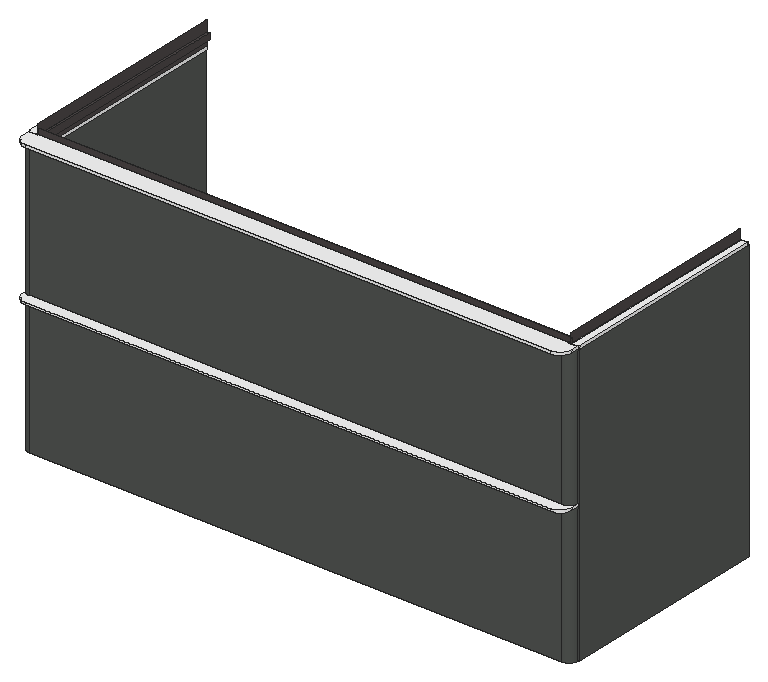
Revit family "vanity unit with 2 drawers", category Furniture, Revit 2019 (continued)
Definition of nested family "vanity unit 1180_475 with 2 drawers for washbasin-54035700-high gloss white-matt_white-400_content"
  Forms (mm)
    Extrusion 6, solid, visible <- "ContentVisible", detail levels medium+fine
      sketch origin (0, 0, 305) x (1, 0, 0) y (0, 1, 0)
        loop
          arc (571, -476) -> (584.435, -470.435) -> (590, -457) r 19
          line (590, -457) -> (590, -455) -> (-590, -455) -> (-590, -457)
      from 0 to 295
    Extrusion 7, solid, visible <- "ContentVisible", detail levels medium+fine
      sketch origin (0, 0, 297) x (1, 0, 0) y (0, 1, 0)
        loop
          line (-588.5, -455) -> (-588.5, -471)
          arc (-588.5, -471) -> (-581.178, -488.678) -> (-563.5, -496) r 25
          line (-563.5, -496) -> (563.5, -496)
          arc (563.5, -496) -> (581.178, -488.678) -> (588.5, -471) r 25
          line (588.5, -471) -> (588.5, -455) -> (568.5, -455) -> (568.5, -453.5) -> (-568.5, -453.5) -> (-568.5, -455) -> (-588.5, -455)
      from 0 to 5
    Extrusion 8, solid, visible <- "ContentVisible", detail levels medium+fine
      sketch origin (0, 0, 0) x (0, 0, -1) y (0, 1, 0)
        loop
          line (-297, -453.5) -> (-297, -455) -> (-267, -455) -> (-267, -453.5) -> (-297, -453.5)
      from -568.5 to 568.5
    Extrusion 9, solid, visible <- "ContentVisible", detail levels medium+fine
      sketch origin (0, 0, 600) x (1, 0, 0) y (0, 1, 0)
        loop
          line (-588.5, -455) -> (-588.5, -471)
          arc (-588.5, -471) -> (-581.178, -488.678) -> (-563.5, -496) r 25
          line (-563.5, -496) -> (563.5, -496)
          arc (563.5, -496) -> (581.178, -488.678) -> (588.5, -471) r 25
          line (588.5, -471) -> (588.5, -455) -> (568.5, -455) -> (568.5, -453.5) -> (-568.5, -453.5) -> (-568.5, -455) -> (-588.5, -455)
      from 0 to 5
    Extrusion 10, solid, visible <- "ContentVisible", detail levels medium+fine
      sketch origin (0, 0, 0) x (0, 0, -1) y (0, 1, 0)
        loop
          line (-600, -453.5) -> (-600, -455) -> (-570, -455) -> (-570, -453.5) -> (-600, -453.5)
      from -568.5 to 568.5
    Extrusion 11, solid, visible <- "ContentVisible", detail levels medium+fine
      sketch origin (0, 0, 0) x (1, 0, 0) y (0, 0, -1)
        loop
          line (-574, -566.8) -> (-574, -605) -> (-572.5, -605) -> (-572.5, -566.8) -> (-574, -566.8)
      from -455 to 0
    Extrusion 12, solid, visible <- "ContentVisible", detail levels medium+fine
      sketch origin (0, 0, 0) x (1, 0, 0) y (0, 0, -1)
        loop
          line (572.5, -566.8) -> (572.5, -605) -> (574, -605) -> (574, -566.8) -> (572.5, -566.8)
      from -455 to 0
    Extrusion 13, solid, visible <- "ContentVisible", detail levels medium+fine
      sketch origin (0, 0, 600) x (1, 0, 0) y (0, 1, 0)
        loop
          line (-590, -3) -> (-590, -452)
          arc (-590, -452) -> (-589.121, -454.121) -> (-587, -455) r 3
          line (-587, -455) -> (-574, -455) -> (-574, 0) -> (-587, 0)
          arc (-587, 0) -> (-589.121, -0.879) -> (-590, -3) r 3
      from 0 to 5
    Extrusion 14, solid, visible <- "ContentVisible", detail levels medium+fine
      sketch origin (0, 0, 600) x (1, 0, 0) y (0, 1, 0)
        loop
          line (574, 0) -> (574, -455) -> (587, -455)
          arc (587, -455) -> (589.121, -454.121) -> (590, -452) r 3
          line (590, -452) -> (590, -3)
          arc (590, -3) -> (589.121, -0.879) -> (587, 0) r 3
          line (587, 0) -> (574, 0)
      from 0 to 5
    Extrusion 15, solid, visible <- "ContentVisible", detail levels medium+fine
      sketch origin (0, 0, 0) x (1, 0, 0) y (0, 0, -1)
        loop
          line (-572.5, -575.3) -> (-572.5, -624.5) -> (-571, -624.5) -> (-571, -602.8) -> (-566.4, -602.8) -> (-566.4, -588.3) -> (-571, -588.3) -> (-571, -575.3) -> (-572.5, -575.3)
      from -453.5 to 0
    Extrusion 16, solid, visible <- "ContentVisible", detail levels medium+fine
      sketch origin (0, 0, 0) x (1, 0, 0) y (0, 0, -1)
        loop
          line (566.4, -588.3) -> (566.4, -602.8) -> (571, -602.8) -> (571, -624.5) -> (572.5, -624.5) -> (572.5, -575.3) -> (571, -575.3) -> (571, -588.3) -> (566.4, -588.3)
      from -453.5 to 0
    Extrusion 17, solid, visible <- "ContentVisible", detail levels medium+fine
      sketch origin (0, 0, 0) x (0, 0, -1) y (0, 1, 0)
        loop
          line (-616, -453.5) -> (-567, -453.5) -> (-567, -452) -> (-588.5, -452) -> (-588.5, -447.4) -> (-603, -447.4) -> (-603, -452) -> (-616, -452) -> (-616, -453.5)
      from -572.5 to 572.5
    Extrusion 18, solid, visible <- "ContentVisible", detail levels coarse
      sketch origin (0, -248, 0) x (1, 0, 0) y (0, 1, 0)
        loop
          line (-590, -248) -> (590, -248) -> (590, 248) -> (-590, 248) -> (-590, -248)
      from 0 to 624.5
  Dimensions and locks
    aligned and locked: level to plane 2
Definition of nested family "vanity unit 1180_475 with 2 drawers for washbasin-54036000-diamond matt grey-chrome-200_content"
  Parameters (values of type "Vanity unit 1180_475 with 2 drawers for washbasin-54036000-Diamond Matt Grey-CHROME-200_Content")
    etim7_EC011381 = "EC011381"
    WEIGHT = "45.5"
    UNSPSC = "56 | Furniture and Furnishings"
    UNIFORMATII = "E2010 | Fixed Furnishings"
    UNICLASS_2015_CODE = "40_30_78_05"
    UNICLASS2015 = "Pr_40_30_78_05 | Bathroom furniture"
    SURFACE = "CHROME"
    REGIONSET = "Worldwide"
    PRODUCTURL = "https://pro.hansgrohe.com/articledetail--54036000"
    PRODUCTGROUP = "vanity unit"
    PRODUCTFAMILY = "Xelu Q"
    PERMALINK = "54036XXX"
    OMNICLASS = "23-21 19 15 33 13 | Residential Bathroom Specialty Casework"
    OBJECTTYPE = "Object (single object)"
    OBERFLAECHE = "Diamond Matt Grey"
    NN = "Vanity Unit with 2 Drawers"
    NBSYN = "$BASENUMBER.-$ARTNR.-$OBERFLAECHE.-$SURFACE.-$LODLEVEL."
    NB = "Vanity unit 1180/475 with 2 drawers for washbasin-54036000-Diamond Matt Grey-CHROME-200"
    NAME = "Xelu Q Vanity unit Diamond Matt Grey 1180/475 with 2 drawers for washbasin"
    Model = "Vanity unit 1180/475 with 2 drawers for washbasin-54036000-Diamond Matt Grey-CHROME-200"
    Manufacturer = "Hansgrohe"
    MASTERFORMAT = "12 35 30.23 | Bathroom Casework"
    LODLEVEL = "200"
    LINA = "Vanity unit 1180/475 with 2 drawers for washbasin-54036000-Diamond Matt Grey-CHROME-200"
    L = 1180
    IFC = "Furnishing element"
    GTINCODE = "4059625455777"
    ETIM = "EC011381 | Bathroom furniture set"
    Default Elevation = 1219.2 mm
    DESIGN = "Germany"
    ContentVisible [instance] = yes
    CATALOG = "Hansgrohe"
    BIMOBJECT = "Sanitary: Compound units"
    BASENUMBER = "Vanity unit 1180/475 with 2 drawers for washbasin"
    ARTNR = "54036000"
  Reference planes
    plane 1 "Center (Front/Back)": y = 0
    plane 2: z = 0
    plane 3 "Center (Left/Right)": x = 0
  Forms (mm)
    Extrusion 1, solid, visible <- "ContentVisible", detail levels medium+fine
      sketch origin (0, 0, 0) x (1, 0, 0) y (0, 1, 0)
        loop
          line (-590, 0) -> (-590, -476) -> (590, -476) -> (590, 0) -> (574, 0) -> (574, -72) -> (-574, -72) -> (-574, 0) -> (-590, 0)
      from 0 to 600
    Extrusion 2, solid, visible <- "ContentVisible", detail levels medium+fine
      sketch origin (0, 0, 297) x (1, 0, 0) y (0, 1, 0)
        loop
          line (-588.5, -453.5) -> (-588.5, -496) -> (588.5, -496) -> (588.5, -453.5) -> (-588.5, -453.5)
      from 0 to 5
    Extrusion 3, solid, visible <- "ContentVisible", detail levels medium+fine
      sketch origin (0, 0, 600) x (1, 0, 0) y (0, 1, 0)
        loop
          line (-588.5, -453.5) -> (-588.5, -496) -> (588.5, -496) -> (588.5, -453.5) -> (-588.5, -453.5)
      from 0 to 5
    Extrusion 4, solid, visible <- "ContentVisible", detail levels medium+fine
      sketch origin (0, 0, 0) x (1, 0, 0) y (0, 0, -1)
        loop
          line (-574, -566.8) -> (-574, -605) -> (-572.5, -605) -> (-572.5, -566.8) -> (-574, -566.8)
      from -455 to 0
    Extrusion 5, solid, visible <- "ContentVisible", detail levels medium+fine
      sketch origin (0, 0, 0) x (1, 0, 0) y (0, 0, -1)
        loop
          line (572.5, -566.8) -> (572.5, -605) -> (574, -605) -> (574, -566.8) -> (572.5, -566.8)
      from -455 to 0
    Extrusion 6, solid, visible <- "ContentVisible", detail levels medium+fine
      sketch origin (0, 0, 600) x (1, 0, 0) y (0, 1, 0)
        loop
          line (-590, 0) -> (-590, -455) -> (-574, -455) -> (-574, 0) -> (-590, 0)
      from 0 to 5
    Extrusion 7, solid, visible <- "ContentVisible", detail levels medium+fine
      sketch origin (0, 0, 600) x (1, 0, 0) y (0, 1, 0)
        loop
          line (574, 0) -> (574, -455) -> (590, -455) -> (590, 0) -> (574, 0)
      from 0 to 5
    Extrusion 8, solid, visible <- "ContentVisible", detail levels medium+fine
      sketch origin (0, 0, 0) x (1, 0, 0) y (0, 0, -1)
        loop
          line (-572.5, -575.3) -> (-572.5, -624.5) -> (-566.4, -624.5) -> (-566.4, -575.3) -> (-572.5, -575.3)
      from -453.5 to 0
    Extrusion 9, solid, visible <- "ContentVisible", detail levels medium+fine
      sketch origin (0, 0, 0) x (1, 0, 0) y (0, 0, -1)
        loop
          line (566.4, -575.3) -> (566.4, -624.5) -> (572.5, -624.5) -> (572.5, -575.3) -> (566.4, -575.3)
      from -453.5 to 0
    Extrusion 10, solid, visible <- "ContentVisible", detail levels medium+fine
      sketch origin (0, 0, 0) x (0, 0, -1) y (0, 1, 0)
        loop
          line (-616, -453.5) -> (-567, -453.5) -> (-567, -447.4) -> (-616, -447.4) -> (-616, -453.5)
      from -572.5 to 572.5
    Extrusion 11, solid, visible <- "ContentVisible", detail levels coarse
      sketch origin (0, -248, 0) x (1, 0, 0) y (0, 1, 0)
        loop
          line (-590, -248) -> (590, -248) -> (590, 248) -> (-590, 248) -> (-590, -248)
      from 0 to 624.5
  Dimensions and locks
    aligned and locked: level to plane 2
Definition of nested family "vanity unit 1180_475 with 2 drawers for washbasin-54036000-diamond matt grey-chrome-400_content"
  Parameters (values of type "Vanity unit 1180_475 with 2 drawers for washbasin-54036000-Diamond Matt Grey-CHROME-400_Content")
    etim7_EC011381 = "EC011381"
    WEIGHT = "45.5"
    UNSPSC = "56 | Furniture and Furnishings"
    UNIFORMATII = "E2010 | Fixed Furnishings"
    UNICLASS_2015_CODE = "40_30_78_05"
    UNICLASS2015 = "Pr_40_30_78_05 | Bathroom furniture"
    SURFACE = "CHROME"
    REGIONSET = "Worldwide"
    PRODUCTURL = "https://pro.hansgrohe.com/articledetail--54036000"
    PRODUCTGROUP = "vanity unit"
    PRODUCTFAMILY = "Xelu Q"
    PERMALINK = "54036XXX"
    OMNICLASS = "23-21 19 15 33 13 | Residential Bathroom Specialty Casework"
    OBJECTTYPE = "Object (single object)"
    OBERFLAECHE = "Diamond Matt Grey"
    NN = "Vanity Unit with 2 Drawers"
    NBSYN = "$BASENUMBER.-$ARTNR.-$OBERFLAECHE.-$SURFACE.-$LODLEVEL."
    NB = "Vanity unit 1180/475 with 2 drawers for washbasin-54036000-Diamond Matt Grey-CHROME-400"
    NAME = "Xelu Q Vanity unit Diamond Matt Grey 1180/475 with 2 drawers for washbasin"
    Model = "Vanity unit 1180/475 with 2 drawers for washbasin-54036000-Diamond Matt Grey-CHROME-400"
    Manufacturer = "Hansgrohe"
    MASTERFORMAT = "12 35 30.23 | Bathroom Casework"
    LODLEVEL = "400"
    LINA = "Vanity unit 1180/475 with 2 drawers for washbasin-54036000-Diamond Matt Grey-CHROME-400"
    L = 1180
    IFC = "Furnishing element"
    GTINCODE = "4059625455777"
    ETIM = "EC011381 | Bathroom furniture set"
    Default Elevation = 1219.2 mm
    DESIGN = "Germany"
    ContentVisible [instance] = yes
    CATALOG = "Hansgrohe"
    BIMOBJECT = "Sanitary: Compound units"
    BASENUMBER = "Vanity unit 1180/475 with 2 drawers for washbasin"
    ARTNR = "54036000"
  Reference planes
    plane 1 "Center (Front/Back)": y = 0
    plane 2: z = 0
    plane 3 "Center (Left/Right)": x = 0
  Forms (mm)
    Extrusion 1, solid, visible <- "ContentVisible", detail levels medium+fine
      sketch origin (0, 0, 0) x (1, 0, 0) y (0, 1, 0)
        loop
          line (-590, 0) -> (-590, -452)
          arc (-590, -452) -> (-589.121, -454.121) -> (-587, -455) r 3
          line (-587, -455) -> (-574, -455) -> (-574, 0) -> (-590, 0)
      from 0 to 600
    Extrusion 2, solid, visible <- "ContentVisible", detail levels medium+fine
      sketch origin (0, 0, 2) x (1, 0, 0) y (0, 1, 0)
        loop
          line (-574, -88) -> (-574, -455) -> (574, -455) -> (574, -88) -> (-574, -88)
      from 0 to 16
    Extrusion 3, solid, visible <- "ContentVisible", detail levels medium+fine
      sketch origin (0, 0, 0) x (1, 0, 0) y (0, 1, 0)
        loop
          line (574, 0) -> (574, -455) -> (587, -455)
          arc (587, -455) -> (589.121, -454.121) -> (590, -452) r 3
          line (590, -452) -> (590, 0) -> (574, 0)
      from 0 to 600
    Extrusion 4, solid, visible <- "ContentVisible", detail levels medium+fine
      sketch origin (0, 0, 2) x (1, 0, 0) y (0, 1, 0)
        loop
          line (-574, -72) -> (-574, -88) -> (574, -88) -> (574, -72) -> (-574, -72)
      from 0 to 126
    Extrusion 5, solid, visible <- "ContentVisible", detail levels medium+fine
      sketch origin (0, 0, 2) x (1, 0, 0) y (0, 1, 0)
        loop
          arc (-590, -457) -> (-584.435, -470.435) -> (-571, -476) r 19
          line (-571, -476) -> (571, -476)
          arc (571, -476) -> (584.435, -470.435) -> (590, -457) r 19
          line (590, -457) -> (590, -455) -> (-590, -455) -> (-590, -457)
      from 0 to 295
    Extrusion 6, solid, visible <- "ContentVisible", detail levels medium+fine
      sketch origin (0, 0, 305) x (1, 0, 0) y (0, 1, 0)
        loop
          arc (-590, -457) -> (-584.435, -470.435) -> (-571, -476) r 19
          line (-571, -476) -> (571, -476)
          arc (571, -476) -> (584.435, -470.435) -> (590, -457) r 19
          line (590, -457) -> (590, -455) -> (-590, -455) -> (-590, -457)
      from 0 to 295
    Extrusion 7, solid, visible <- "ContentVisible", detail levels medium+fine
      sketch origin (0, 0, 297) x (1, 0, 0) y (0, 1, 0)
        loop
          line (-588.5, -455) -> (-588.5, -471)
          arc (-588.5, -471) -> (-581.178, -488.678) -> (-563.5, -496) r 25
          line (-563.5, -496) -> (563.5, -496)
          arc (563.5, -496) -> (581.178, -488.678) -> (588.5, -471) r 25
          line (588.5, -471) -> (588.5, -455) -> (568.5, -455) -> (568.5, -453.5) -> (-568.5, -453.5) -> (-568.5, -455) -> (-588.5, -455)
      from 0 to 5
    Extrusion 8, solid, visible <- "ContentVisible", detail levels medium+fine
      sketch origin (0, 0, 0) x (0, 0, -1) y (0, 1, 0)
        loop
          line (-297, -453.5) -> (-297, -455) -> (-267, -455) -> (-267, -453.5) -> (-297, -453.5)
      from -568.5 to 568.5
    Extrusion 9, solid, visible <- "ContentVisible", detail levels medium+fine
      sketch origin (0, 0, 600) x (1, 0, 0) y (0, 1, 0)
        loop
          line (-588.5, -455) -> (-588.5, -471)
          arc (-588.5, -471) -> (-581.178, -488.678) -> (-563.5, -496) r 25
          line (-563.5, -496) -> (563.5, -496)
          arc (563.5, -496) -> (581.178, -488.678) -> (588.5, -471) r 25
          line (588.5, -471) -> (588.5, -455) -> (568.5, -455) -> (568.5, -453.5) -> (-568.5, -453.5) -> (-568.5, -455) -> (-588.5, -455)
      from 0 to 5
    Extrusion 10, solid, visible <- "ContentVisible", detail levels medium+fine
      sketch origin (0, 0, 0) x (0, 0, -1) y (0, 1, 0)
        loop
          line (-600, -453.5) -> (-600, -455) -> (-570, -455) -> (-570, -453.5) -> (-600, -453.5)
      from -568.5 to 568.5
    Extrusion 11, solid, visible <- "ContentVisible", detail levels medium+fine
      sketch origin (0, 0, 0) x (1, 0, 0) y (0, 0, -1)
        loop
          line (-574, -566.8) -> (-574, -605) -> (-572.5, -605) -> (-572.5, -566.8) -> (-574, -566.8)
      from -455 to 0
    Extrusion 12, solid, visible <- "ContentVisible", detail levels medium+fine
      sketch origin (0, 0, 0) x (1, 0, 0) y (0, 0, -1)
        loop
          line (572.5, -566.8) -> (572.5, -605) -> (574, -605) -> (574, -566.8) -> (572.5, -566.8)
      from -455 to 0
    Extrusion 13, solid, visible <- "ContentVisible", detail levels medium+fine
      sketch origin (0, 0, 600) x (1, 0, 0) y (0, 1, 0)
        loop
          line (-590, -3) -> (-590, -452)
          arc (-590, -452) -> (-589.121, -454.121) -> (-587, -455) r 3
          line (-587, -455) -> (-574, -455) -> (-574, 0) -> (-587, 0)
          arc (-587, 0) -> (-589.121, -0.879) -> (-590, -3) r 3
      from 0 to 5
    Extrusion 14, solid, visible <- "ContentVisible", detail levels medium+fine
      sketch origin (0, 0, 600) x (1, 0, 0) y (0, 1, 0)
        loop
          line (574, 0) -> (574, -455) -> (587, -455)
          arc (587, -455) -> (589.121, -454.121) -> (590, -452) r 3
          line (590, -452) -> (590, -3)
          arc (590, -3) -> (589.121, -0.879) -> (587, 0) r 3
          line (587, 0) -> (574, 0)
      from 0 to 5
    Extrusion 15, solid, visible <- "ContentVisible", detail levels medium+fine
      sketch origin (0, 0, 0) x (1, 0, 0) y (0, 0, -1)
        loop
          line (-572.5, -575.3) -> (-572.5, -624.5) -> (-571, -624.5) -> (-571, -602.8) -> (-566.4, -602.8) -> (-566.4, -588.3) -> (-571, -588.3) -> (-571, -575.3) -> (-572.5, -575.3)
      from -453.5 to 0
    Extrusion 16, solid, visible <- "ContentVisible", detail levels medium+fine
      sketch origin (0, 0, 0) x (1, 0, 0) y (0, 0, -1)
        loop
          line (566.4, -588.3) -> (566.4, -602.8) -> (571, -602.8) -> (571, -624.5) -> (572.5, -624.5) -> (572.5, -575.3) -> (571, -575.3) -> (571, -588.3) -> (566.4, -588.3)
      from -453.5 to 0
    Extrusion 17, solid, visible <- "ContentVisible", detail levels medium+fine
      sketch origin (0, 0, 0) x (0, 0, -1) y (0, 1, 0)
        loop
          line (-616, -453.5) -> (-567, -453.5) -> (-567, -452) -> (-588.5, -452) -> (-588.5, -447.4) -> (-603, -447.4) -> (-603, -452) -> (-616, -452) -> (-616, -453.5)
      from -572.5 to 572.5
    Extrusion 18, solid, visible <- "ContentVisible", detail levels coarse
      sketch origin (0, -248, 0) x (1, 0, 0) y (0, 1, 0)
        loop
          line (-590, -248) -> (590, -248) -> (590, 248) -> (-590, 248) -> (-590, -248)
      from 0 to 624.5
  Dimensions and locks
    aligned and locked: level to plane 2
Definition of nested family "vanity unit 1180_475 with 2 drawers for washbasin-54036670-diamond matt grey-matt_black-200_content"
  Parameters (values of type "Vanity unit 1180_475 with 2 drawers for washbasin-54036670-Diamond Matt Grey-MATT_BLACK-200_Content")
    etim7_EC011381 = "EC011381"
    WEIGHT = "45.5"
    UNSPSC = "56 | Furniture and Furnishings"
    UNIFORMATII = "E2010 | Fixed Furnishings"
    UNICLASS_2015_CODE = "40_30_78_05"
    UNICLASS2015 = "Pr_40_30_78_05 | Bathroom furniture"
    SURFACE = "MATT_BLACK"
    REGIONSET = "Worldwide"
    PRODUCTURL = "https://pro.hansgrohe.com/articledetail--54036000"
    PRODUCTGROUP = "vanity unit"
    PRODUCTFAMILY = "Xelu Q"
    PERMALINK = "54036XXX"
    OMNICLASS = "23-21 19 15 33 13 | Residential Bathroom Specialty Casework"
    OBJECTTYPE = "Object (single object)"
    OBERFLAECHE = "Diamond Matt Grey"
    NN = "Vanity Unit with 2 Drawers"
    NBSYN = "$BASENUMBER.-$ARTNR.-$OBERFLAECHE.-$SURFACE.-$LODLEVEL."
    NB = "Vanity unit 1180/475 with 2 drawers for washbasin-54036670-Diamond Matt Grey-MATT_BLACK-200"
    NAME = "Xelu Q Vanity unit Diamond Matt Grey 1180/475 with 2 drawers for washbasin"
    Model = "Vanity unit 1180/475 with 2 drawers for washbasin-54036670-Diamond Matt Grey-MATT_BLACK-200"
    Manufacturer = "Hansgrohe"
    MASTERFORMAT = "12 35 30.23 | Bathroom Casework"
    LODLEVEL = "200"
    LINA = "Vanity unit 1180/475 with 2 drawers for washbasin-54036670-Diamond Matt Grey-MATT_BLACK-200"
    L = 1180
    IFC = "Furnishing element"
    GTINCODE = "4059625455777"
    ETIM = "EC011381 | Bathroom furniture set"
    Default Elevation = 1219.2 mm
    DESIGN = "Germany"
    ContentVisible [instance] = yes
    CATALOG = "Hansgrohe"
    BIMOBJECT = "Sanitary: Compound units"
    BASENUMBER = "Vanity unit 1180/475 with 2 drawers for washbasin"
    ARTNR = "54036670"
  Reference planes
    plane 1 "Center (Front/Back)": y = 0
    plane 2: z = 0
    plane 3 "Center (Left/Right)": x = 0
  Forms (mm)
    Extrusion 1, solid, visible <- "ContentVisible", detail levels medium+fine
      sketch origin (0, 0, 0) x (1, 0, 0) y (0, 1, 0)
        loop
          line (-590, 0) -> (-590, -476) -> (590, -476) -> (590, 0) -> (574, 0) -> (574, -72) -> (-574, -72) -> (-574, 0) -> (-590, 0)
      from 0 to 600
    Extrusion 2, solid, visible <- "ContentVisible", detail levels medium+fine
      sketch origin (0, 0, 297) x (1, 0, 0) y (0, 1, 0)
        loop
          line (-588.5, -453.5) -> (-588.5, -496) -> (588.5, -496) -> (588.5, -453.5) -> (-588.5, -453.5)
      from 0 to 5
    Extrusion 3, solid, visible <- "ContentVisible", detail levels medium+fine
      sketch origin (0, 0, 600) x (1, 0, 0) y (0, 1, 0)
        loop
          line (-588.5, -453.5) -> (-588.5, -496) -> (588.5, -496) -> (588.5, -453.5) -> (-588.5, -453.5)
      from 0 to 5
    Extrusion 4, solid, visible <- "ContentVisible", detail levels medium+fine
      sketch origin (0, 0, 0) x (1, 0, 0) y (0, 0, -1)
        loop
          line (-574, -566.8) -> (-574, -605) -> (-572.5, -605) -> (-572.5, -566.8) -> (-574, -566.8)
      from -455 to 0
    Extrusion 5, solid, visible <- "ContentVisible", detail levels medium+fine
      sketch origin (0, 0, 0) x (1, 0, 0) y (0, 0, -1)
        loop
          line (572.5, -566.8) -> (572.5, -605) -> (574, -605) -> (574, -566.8) -> (572.5, -566.8)
      from -455 to 0
    Extrusion 6, solid, visible <- "ContentVisible", detail levels medium+fine
      sketch origin (0, 0, 600) x (1, 0, 0) y (0, 1, 0)
        loop
          line (-590, 0) -> (-590, -455) -> (-574, -455) -> (-574, 0) -> (-590, 0)
      from 0 to 5
    Extrusion 7, solid, visible <- "ContentVisible", detail levels medium+fine
      sketch origin (0, 0, 600) x (1, 0, 0) y (0, 1, 0)
        loop
          line (574, 0) -> (574, -455) -> (590, -455) -> (590, 0) -> (574, 0)
      from 0 to 5
    Extrusion 8, solid, visible <- "ContentVisible", detail levels medium+fine
      sketch origin (0, 0, 0) x (1, 0, 0) y (0, 0, -1)
        loop
          line (-572.5, -575.3) -> (-572.5, -624.5) -> (-566.4, -624.5) -> (-566.4, -575.3) -> (-572.5, -575.3)
      from -453.5 to 0
    Extrusion 9, solid, visible <- "ContentVisible", detail levels medium+fine
      sketch origin (0, 0, 0) x (1, 0, 0) y (0, 0, -1)
        loop
          line (566.4, -575.3) -> (566.4, -624.5) -> (572.5, -624.5) -> (572.5, -575.3) -> (566.4, -575.3)
      from -453.5 to 0
    Extrusion 10, solid, visible <- "ContentVisible", detail levels medium+fine
      sketch origin (0, 0, 0) x (0, 0, -1) y (0, 1, 0)
        loop
          line (-616, -453.5) -> (-567, -453.5) -> (-567, -447.4) -> (-616, -447.4) -> (-616, -453.5)
      from -572.5 to 572.5
    Extrusion 11, solid, visible <- "ContentVisible", detail levels coarse
      sketch origin (0, -248, 0) x (1, 0, 0) y (0, 1, 0)
        loop
          line (-590, -248) -> (590, -248) -> (590, 248) -> (-590, 248) -> (-590, -248)
      from 0 to 624.5
  Dimensions and locks
    aligned and locked: level to plane 2
Definition of nested family "vanity unit 1180_475 with 2 drawers for washbasin-54036670-diamond matt grey-matt_black-400_content"
  Parameters (values of type "Vanity unit 1180_475 with 2 drawers for washbasin-54036670-Diamond Matt Grey-MATT_BLACK-400_Content")
    etim7_EC011381 = "EC011381"
    WEIGHT = "45.5"
    UNSPSC = "56 | Furniture and Furnishings"
    UNIFORMATII = "E2010 | Fixed Furnishings"
    UNICLASS_2015_CODE = "40_30_78_05"
    UNICLASS2015 = "Pr_40_30_78_05 | Bathroom furniture"
    SURFACE = "MATT_BLACK"
    REGIONSET = "Worldwide"
    PRODUCTURL = "https://pro.hansgrohe.com/articledetail--54036000"
    PRODUCTGROUP = "vanity unit"
    PRODUCTFAMILY = "Xelu Q"
    PERMALINK = "54036XXX"
    OMNICLASS = "23-21 19 15 33 13 | Residential Bathroom Specialty Casework"
    OBJECTTYPE = "Object (single object)"
    OBERFLAECHE = "Diamond Matt Grey"
    NN = "Vanity Unit with 2 Drawers"
    NBSYN = "$BASENUMBER.-$ARTNR.-$OBERFLAECHE.-$SURFACE.-$LODLEVEL."
    NB = "Vanity unit 1180/475 with 2 drawers for washbasin-54036670-Diamond Matt Grey-MATT_BLACK-400"
    NAME = "Xelu Q Vanity unit Diamond Matt Grey 1180/475 with 2 drawers for washbasin"
    Model = "Vanity unit 1180/475 with 2 drawers for washbasin-54036670-Diamond Matt Grey-MATT_BLACK-400"
    Manufacturer = "Hansgrohe"
    MASTERFORMAT = "12 35 30.23 | Bathroom Casework"
    LODLEVEL = "400"
    LINA = "Vanity unit 1180/475 with 2 drawers for washbasin-54036670-Diamond Matt Grey-MATT_BLACK-400"
    L = 1180
    IFC = "Furnishing element"
    GTINCODE = "4059625455777"
    ETIM = "EC011381 | Bathroom furniture set"
    Default Elevation = 1219.2 mm
    DESIGN = "Germany"
    ContentVisible [instance] = yes
    CATALOG = "Hansgrohe"
    BIMOBJECT = "Sanitary: Compound units"
    BASENUMBER = "Vanity unit 1180/475 with 2 drawers for washbasin"
    ARTNR = "54036670"
  Reference planes
    plane 1 "Center (Front/Back)": y = 0
    plane 2: z = 0
    plane 3 "Center (Left/Right)": x = 0
  Forms (mm)
    Extrusion 1, solid, visible <- "ContentVisible", detail levels medium+fine
      sketch origin (0, 0, 0) x (1, 0, 0) y (0, 1, 0)
        loop
          line (-590, 0) -> (-590, -452)
          arc (-590, -452) -> (-589.121, -454.121) -> (-587, -455) r 3
          line (-587, -455) -> (-574, -455) -> (-574, 0) -> (-590, 0)
      from 0 to 600
    Extrusion 2, solid, visible <- "ContentVisible", detail levels medium+fine
      sketch origin (0, 0, 2) x (1, 0, 0) y (0, 1, 0)
        loop
          line (-574, -88) -> (-574, -455) -> (574, -455) -> (574, -88) -> (-574, -88)
      from 0 to 16
    Extrusion 3, solid, visible <- "ContentVisible", detail levels medium+fine
      sketch origin (0, 0, 0) x (1, 0, 0) y (0, 1, 0)
        loop
          line (574, 0) -> (574, -455) -> (587, -455)
          arc (587, -455) -> (589.121, -454.121) -> (590, -452) r 3
          line (590, -452) -> (590, 0) -> (574, 0)
      from 0 to 600
    Extrusion 4, solid, visible <- "ContentVisible", detail levels medium+fine
      sketch origin (0, 0, 2) x (1, 0, 0) y (0, 1, 0)
        loop
          line (-574, -72) -> (-574, -88) -> (574, -88) -> (574, -72) -> (-574, -72)
      from 0 to 126
    Extrusion 5, solid, visible <- "ContentVisible", detail levels medium+fine
      sketch origin (0, 0, 2) x (1, 0, 0) y (0, 1, 0)
        loop
          arc (-590, -457) -> (-584.435, -470.435) -> (-571, -476) r 19
          line (-571, -476) -> (571, -476)
          arc (571, -476) -> (584.435, -470.435) -> (590, -457) r 19
          line (590, -457) -> (590, -455) -> (-590, -455) -> (-590, -457)
      from 0 to 295
    Extrusion 6, solid, visible <- "ContentVisible", detail levels medium+fine
      sketch origin (0, 0, 305) x (1, 0, 0) y (0, 1, 0)
        loop
          arc (-590, -457) -> (-584.435, -470.435) -> (-571, -476) r 19
          line (-571, -476) -> (571, -476)
          arc (571, -476) -> (584.435, -470.435) -> (590, -457) r 19
          line (590, -457) -> (590, -455) -> (-590, -455) -> (-590, -457)
      from 0 to 295
    Extrusion 7, solid, visible <- "ContentVisible", detail levels medium+fine
      sketch origin (0, 0, 297) x (1, 0, 0) y (0, 1, 0)
        loop
          line (-588.5, -455) -> (-588.5, -471)
          arc (-588.5, -471) -> (-581.178, -488.678) -> (-563.5, -496) r 25
          line (-563.5, -496) -> (563.5, -496)
          arc (563.5, -496) -> (581.178, -488.678) -> (588.5, -471) r 25
          line (588.5, -471) -> (588.5, -455) -> (568.5, -455) -> (568.5, -453.5) -> (-568.5, -453.5) -> (-568.5, -455) -> (-588.5, -455)
      from 0 to 5
    Extrusion 8, solid, visible <- "ContentVisible", detail levels medium+fine
      sketch origin (0, 0, 0) x (0, 0, -1) y (0, 1, 0)
        loop
          line (-297, -453.5) -> (-297, -455) -> (-267, -455) -> (-267, -453.5) -> (-297, -453.5)
      from -568.5 to 568.5
    Extrusion 9, solid, visible <- "ContentVisible", detail levels medium+fine
      sketch origin (0, 0, 600) x (1, 0, 0) y (0, 1, 0)
        loop
          line (-588.5, -455) -> (-588.5, -471)
          arc (-588.5, -471) -> (-581.178, -488.678) -> (-563.5, -496) r 25
          line (-563.5, -496) -> (563.5, -496)
          arc (563.5, -496) -> (581.178, -488.678) -> (588.5, -471) r 25
          line (588.5, -471) -> (588.5, -455) -> (568.5, -455) -> (568.5, -453.5) -> (-568.5, -453.5) -> (-568.5, -455) -> (-588.5, -455)
      from 0 to 5
    Extrusion 10, solid, visible <- "ContentVisible", detail levels medium+fine
      sketch origin (0, 0, 0) x (0, 0, -1) y (0, 1, 0)
        loop
          line (-600, -453.5) -> (-600, -455) -> (-570, -455) -> (-570, -453.5) -> (-600, -453.5)
      from -568.5 to 568.5
    Extrusion 11, solid, visible <- "ContentVisible", detail levels medium+fine
      sketch origin (0, 0, 0) x (1, 0, 0) y (0, 0, -1)
        loop
          line (-574, -566.8) -> (-574, -605) -> (-572.5, -605) -> (-572.5, -566.8) -> (-574, -566.8)
      from -455 to 0
    Extrusion 12, solid, visible <- "ContentVisible", detail levels medium+fine
      sketch origin (0, 0, 0) x (1, 0, 0) y (0, 0, -1)
        loop
          line (572.5, -566.8) -> (572.5, -605) -> (574, -605) -> (574, -566.8) -> (572.5, -566.8)
      from -455 to 0
    Extrusion 13, solid, visible <- "ContentVisible", detail levels medium+fine
      sketch origin (0, 0, 600) x (1, 0, 0) y (0, 1, 0)
        loop
          line (-590, -3) -> (-590, -452)
          arc (-590, -452) -> (-589.121, -454.121) -> (-587, -455) r 3
          line (-587, -455) -> (-574, -455) -> (-574, 0) -> (-587, 0)
          arc (-587, 0) -> (-589.121, -0.879) -> (-590, -3) r 3
      from 0 to 5
    Extrusion 14, solid, visible <- "ContentVisible", detail levels medium+fine
      sketch origin (0, 0, 600) x (1, 0, 0) y (0, 1, 0)
        loop
          line (574, 0) -> (574, -455) -> (587, -455)
          arc (587, -455) -> (589.121, -454.121) -> (590, -452) r 3
          line (590, -452) -> (590, -3)
          arc (590, -3) -> (589.121, -0.879) -> (587, 0) r 3
          line (587, 0) -> (574, 0)
      from 0 to 5
    Extrusion 15, solid, visible <- "ContentVisible", detail levels medium+fine
      sketch origin (0, 0, 0) x (1, 0, 0) y (0, 0, -1)
        loop
          line (-572.5, -575.3) -> (-572.5, -624.5) -> (-571, -624.5) -> (-571, -602.8) -> (-566.4, -602.8) -> (-566.4, -588.3) -> (-571, -588.3) -> (-571, -575.3) -> (-572.5, -575.3)
      from -453.5 to 0
    Extrusion 16, solid, visible <- "ContentVisible", detail levels medium+fine
      sketch origin (0, 0, 0) x (1, 0, 0) y (0, 0, -1)
        loop
          line (566.4, -588.3) -> (566.4, -602.8) -> (571, -602.8) -> (571, -624.5) -> (572.5, -624.5) -> (572.5, -575.3) -> (571, -575.3) -> (571, -588.3) -> (566.4, -588.3)
      from -453.5 to 0
    Extrusion 17, solid, visible <- "ContentVisible", detail levels medium+fine
      sketch origin (0, 0, 0) x (0, 0, -1) y (0, 1, 0)
        loop
          line (-616, -453.5) -> (-567, -453.5) -> (-567, -452) -> (-588.5, -452) -> (-588.5, -447.4) -> (-603, -447.4) -> (-603, -452) -> (-616, -452) -> (-616, -453.5)
      from -572.5 to 572.5
    Extrusion 18, solid, visible <- "ContentVisible", detail levels coarse
      sketch origin (0, -248, 0) x (1, 0, 0) y (0, 1, 0)
        loop
          line (-590, -248) -> (590, -248) -> (590, 248) -> (-590, 248) -> (-590, -248)
      from 0 to 624.5
  Dimensions and locks
    aligned and locked: level to plane 2
Definition of nested family "vanity unit 1180_475 with 2 drawers for washbasin-54036700-diamond matt grey-matt_white-200_content"
  Parameters (values of type "Vanity unit 1180_475 with 2 drawers for washbasin-54036700-Diamond Matt Grey-MATT_WHITE-200_Content")
    etim7_EC011381 = "EC011381"
    WEIGHT = "45.5"
    UNSPSC = "56 | Furniture and Furnishings"
    UNIFORMATII = "E2010 | Fixed Furnishings"
    UNICLASS_2015_CODE = "40_30_78_05"
    UNICLASS2015 = "Pr_40_30_78_05 | Bathroom furniture"
    SURFACE = "MATT_WHITE"
    REGIONSET = "Worldwide"
    PRODUCTURL = "https://pro.hansgrohe.com/articledetail--54036000"
    PRODUCTGROUP = "vanity unit"
    PRODUCTFAMILY = "Xelu Q"
    PERMALINK = "54036XXX"
    OMNICLASS = "23-21 19 15 33 13 | Residential Bathroom Specialty Casework"
    OBJECTTYPE = "Object (single object)"
    OBERFLAECHE = "Diamond Matt Grey"
    NN = "Vanity Unit with 2 Drawers"
    NBSYN = "$BASENUMBER.-$ARTNR.-$OBERFLAECHE.-$SURFACE.-$LODLEVEL."
    NB = "Vanity unit 1180/475 with 2 drawers for washbasin-54036700-Diamond Matt Grey-MATT_WHITE-200"
    NAME = "Xelu Q Vanity unit Diamond Matt Grey 1180/475 with 2 drawers for washbasin"
    Model = "Vanity unit 1180/475 with 2 drawers for washbasin-54036700-Diamond Matt Grey-MATT_WHITE-200"
    Manufacturer = "Hansgrohe"
    MASTERFORMAT = "12 35 30.23 | Bathroom Casework"
    LODLEVEL = "200"
    LINA = "Vanity unit 1180/475 with 2 drawers for washbasin-54036700-Diamond Matt Grey-MATT_WHITE-200"
    L = 1180
    IFC = "Furnishing element"
    GTINCODE = "4059625455777"
    ETIM = "EC011381 | Bathroom furniture set"
    Default Elevation = 1219.2 mm
    DESIGN = "Germany"
    ContentVisible [instance] = yes
    CATALOG = "Hansgrohe"
    BIMOBJECT = "Sanitary: Compound units"
    BASENUMBER = "Vanity unit 1180/475 with 2 drawers for washbasin"
    ARTNR = "54036700"
  Reference planes
    plane 1 "Center (Front/Back)": y = 0
    plane 2: z = 0
    plane 3 "Center (Left/Right)": x = 0
  Forms (mm)
    Extrusion 1, solid, visible <- "ContentVisible", detail levels medium+fine
      sketch origin (0, 0, 0) x (1, 0, 0) y (0, 1, 0)
        loop
          line (-590, 0) -> (-590, -476) -> (590, -476) -> (590, 0) -> (574, 0) -> (574, -72) -> (-574, -72) -> (-574, 0) -> (-590, 0)
      from 0 to 600
    Extrusion 2, solid, visible <- "ContentVisible", detail levels medium+fine
      sketch origin (0, 0, 297) x (1, 0, 0) y (0, 1, 0)
        loop
          line (-588.5, -453.5) -> (-588.5, -496) -> (588.5, -496) -> (588.5, -453.5) -> (-588.5, -453.5)
      from 0 to 5
    Extrusion 3, solid, visible <- "ContentVisible", detail levels medium+fine
      sketch origin (0, 0, 600) x (1, 0, 0) y (0, 1, 0)
        loop
          line (-588.5, -453.5) -> (-588.5, -496) -> (588.5, -496) -> (588.5, -453.5) -> (-588.5, -453.5)
      from 0 to 5
    Extrusion 4, solid, visible <- "ContentVisible", detail levels medium+fine
      sketch origin (0, 0, 0) x (1, 0, 0) y (0, 0, -1)
        loop
          line (-574, -566.8) -> (-574, -605) -> (-572.5, -605) -> (-572.5, -566.8) -> (-574, -566.8)
      from -455 to 0
    Extrusion 5, solid, visible <- "ContentVisible", detail levels medium+fine
      sketch origin (0, 0, 0) x (1, 0, 0) y (0, 0, -1)
        loop
          line (572.5, -566.8) -> (572.5, -605) -> (574, -605) -> (574, -566.8) -> (572.5, -566.8)
      from -455 to 0
    Extrusion 6, solid, visible <- "ContentVisible", detail levels medium+fine
      sketch origin (0, 0, 600) x (1, 0, 0) y (0, 1, 0)
        loop
          line (-590, 0) -> (-590, -455) -> (-574, -455) -> (-574, 0) -> (-590, 0)
      from 0 to 5
    Extrusion 7, solid, visible <- "ContentVisible", detail levels medium+fine
      sketch origin (0, 0, 600) x (1, 0, 0) y (0, 1, 0)
        loop
          line (574, 0) -> (574, -455) -> (590, -455) -> (590, 0) -> (574, 0)
      from 0 to 5
    Extrusion 8, solid, visible <- "ContentVisible", detail levels medium+fine
      sketch origin (0, 0, 0) x (1, 0, 0) y (0, 0, -1)
        loop
          line (-572.5, -575.3) -> (-572.5, -624.5) -> (-566.4, -624.5) -> (-566.4, -575.3) -> (-572.5, -575.3)
      from -453.5 to 0
    Extrusion 9, solid, visible <- "ContentVisible", detail levels medium+fine
      sketch origin (0, 0, 0) x (1, 0, 0) y (0, 0, -1)
        loop
          line (566.4, -575.3) -> (566.4, -624.5) -> (572.5, -624.5) -> (572.5, -575.3) -> (566.4, -575.3)
      from -453.5 to 0
    Extrusion 10, solid, visible <- "ContentVisible", detail levels medium+fine
      sketch origin (0, 0, 0) x (0, 0, -1) y (0, 1, 0)
        loop
          line (-616, -453.5) -> (-567, -453.5) -> (-567, -447.4) -> (-616, -447.4) -> (-616, -453.5)
      from -572.5 to 572.5
    Extrusion 11, solid, visible <- "ContentVisible", detail levels coarse
      sketch origin (0, -248, 0) x (1, 0, 0) y (0, 1, 0)
        loop
          line (-590, -248) -> (590, -248) -> (590, 248) -> (-590, 248) -> (-590, -248)
      from 0 to 624.5
  Dimensions and locks
    aligned and locked: level to plane 2
Definition of nested family "vanity unit 1180_475 with 2 drawers for washbasin-54037000-natural oak-chrome-200_content"
  Parameters (values of type "Vanity unit 1180_475 with 2 drawers for washbasin-54037000-Natural Oak-CHROME-200_Content")
    etim7_EC011381 = "EC011381"
    WEIGHT = "45.5"
    UNSPSC = "56 | Furniture and Furnishings"
    UNIFORMATII = "E2010 | Fixed Furnishings"
    UNICLASS_2015_CODE = "40_30_78_05"
    UNICLASS2015 = "Pr_40_30_78_05 | Bathroom furniture"
    SURFACE = "CHROME"
    REGIONSET = "Worldwide"
    PRODUCTURL = "https://pro.hansgrohe.com/articledetail--54037000"
    PRODUCTGROUP = "vanity unit"
    PRODUCTFAMILY = "Xelu Q"
    PERMALINK = "54037XXX"
    OMNICLASS = "23-21 19 15 33 13 | Residential Bathroom Specialty Casework"
    OBJECTTYPE = "Object (single object)"
    OBERFLAECHE = "Natural Oak"
    NN = "Vanity Unit with 2 Drawers"
    NBSYN = "$BASENUMBER.-$ARTNR.-$OBERFLAECHE.-$SURFACE.-$LODLEVEL."
    NB = "Vanity unit 1180/475 with 2 drawers for washbasin-54037000-Natural Oak-CHROME-200"
    NAME = "Xelu Q Vanity unit Natural Oak 1180/475 with 2 drawers for washbasin"
    Model = "Vanity unit 1180/475 with 2 drawers for washbasin-54037000-Natural Oak-CHROME-200"
    Manufacturer = "Hansgrohe"
    MASTERFORMAT = "12 35 30.23 | Bathroom Casework"
    LODLEVEL = "200"
    LINA = "Vanity unit 1180/475 with 2 drawers for washbasin-54037000-Natural Oak-CHROME-200"
    L = 1180
    IFC = "Furnishing element"
    GTINCODE = "4059625455746"
    ETIM = "EC011381 | Bathroom furniture set"
    Default Elevation = 1219.2 mm
    DESIGN = "Germany"
    ContentVisible [instance] = yes
    CATALOG = "Hansgrohe"
    BIMOBJECT = "Sanitary: Compound units"
    BASENUMBER = "Vanity unit 1180/475 with 2 drawers for washbasin"
    ARTNR = "54037000"
  Reference planes
    plane 1 "Center (Front/Back)": y = 0
    plane 2: z = 0
    plane 3 "Center (Left/Right)": x = 0
  Forms (mm)
    Extrusion 1, solid, visible <- "ContentVisible", detail levels medium+fine
      sketch origin (0, 0, 0) x (1, 0, 0) y (0, 1, 0)
        loop
          line (-590, 0) -> (-590, -476) -> (590, -476) -> (590, 0) -> (574, 0) -> (574, -72) -> (-574, -72) -> (-574, 0) -> (-590, 0)
      from 0 to 600
    Extrusion 2, solid, visible <- "ContentVisible", detail levels medium+fine
      sketch origin (0, 0, 297) x (1, 0, 0) y (0, 1, 0)
        loop
          line (-588.5, -453.5) -> (-588.5, -496) -> (588.5, -496) -> (588.5, -453.5) -> (-588.5, -453.5)
      from 0 to 5
    Extrusion 3, solid, visible <- "ContentVisible", detail levels medium+fine
      sketch origin (0, 0, 600) x (1, 0, 0) y (0, 1, 0)
        loop
          line (-588.5, -453.5) -> (-588.5, -496) -> (588.5, -496) -> (588.5, -453.5) -> (-588.5, -453.5)
      from 0 to 5
    Extrusion 4, solid, visible <- "ContentVisible", detail levels medium+fine
      sketch origin (0, 0, 0) x (1, 0, 0) y (0, 0, -1)
        loop
          line (-574, -566.8) -> (-574, -605) -> (-572.5, -605) -> (-572.5, -566.8) -> (-574, -566.8)
      from -455 to 0
    Extrusion 5, solid, visible <- "ContentVisible", detail levels medium+fine
      sketch origin (0, 0, 0) x (1, 0, 0) y (0, 0, -1)
        loop
          line (572.5, -566.8) -> (572.5, -605) -> (574, -605) -> (574, -566.8) -> (572.5, -566.8)
      from -455 to 0
    Extrusion 6, solid, visible <- "ContentVisible", detail levels medium+fine
      sketch origin (0, 0, 600) x (1, 0, 0) y (0, 1, 0)
        loop
          line (-590, 0) -> (-590, -455) -> (-574, -455) -> (-574, 0) -> (-590, 0)
      from 0 to 5
    Extrusion 7, solid, visible <- "ContentVisible", detail levels medium+fine
      sketch origin (0, 0, 600) x (1, 0, 0) y (0, 1, 0)
        loop
          line (574, 0) -> (574, -455) -> (590, -455) -> (590, 0) -> (574, 0)
      from 0 to 5
    Extrusion 8, solid, visible <- "ContentVisible", detail levels medium+fine
      sketch origin (0, 0, 0) x (1, 0, 0) y (0, 0, -1)
        loop
          line (-572.5, -575.3) -> (-572.5, -624.5) -> (-566.4, -624.5) -> (-566.4, -575.3) -> (-572.5, -575.3)
      from -453.5 to 0
    Extrusion 9, solid, visible <- "ContentVisible", detail levels medium+fine
      sketch origin (0, 0, 0) x (1, 0, 0) y (0, 0, -1)
        loop
          line (566.4, -575.3) -> (566.4, -624.5) -> (572.5, -624.5) -> (572.5, -575.3) -> (566.4, -575.3)
      from -453.5 to 0
    Extrusion 10, solid, visible <- "ContentVisible", detail levels medium+fine
      sketch origin (0, 0, 0) x (0, 0, -1) y (0, 1, 0)
        loop
          line (-616, -453.5) -> (-567, -453.5) -> (-567, -447.4) -> (-616, -447.4) -> (-616, -453.5)
      from -572.5 to 572.5
    Extrusion 11, solid, visible <- "ContentVisible", detail levels coarse
      sketch origin (0, -248, 0) x (1, 0, 0) y (0, 1, 0)
        loop
          line (-590, -248) -> (590, -248) -> (590, 248) -> (-590, 248) -> (-590, -248)
      from 0 to 624.5
  Dimensions and locks
    aligned and locked: level to plane 2
Definition of nested family "vanity unit 1180_475 with 2 drawers for washbasin-54037000-natural oak-chrome-400_content"
  Parameters (values of type "Vanity unit 1180_475 with 2 drawers for washbasin-54037000-Natural Oak-CHROME-400_Content")
    etim7_EC011381 = "EC011381"
    WEIGHT = "45.5"
    UNSPSC = "56 | Furniture and Furnishings"
    UNIFORMATII = "E2010 | Fixed Furnishings"
    UNICLASS_2015_CODE = "40_30_78_05"
    UNICLASS2015 = "Pr_40_30_78_05 | Bathroom furniture"
    SURFACE = "CHROME"
    REGIONSET = "Worldwide"
    PRODUCTURL = "https://pro.hansgrohe.com/articledetail--54037000"
    PRODUCTGROUP = "vanity unit"
    PRODUCTFAMILY = "Xelu Q"
    PERMALINK = "54037XXX"
    OMNICLASS = "23-21 19 15 33 13 | Residential Bathroom Specialty Casework"
    OBJECTTYPE = "Object (single object)"
    OBERFLAECHE = "Natural Oak"
    NN = "Vanity Unit with 2 Drawers"
    NBSYN = "$BASENUMBER.-$ARTNR.-$OBERFLAECHE.-$SURFACE.-$LODLEVEL."
    NB = "Vanity unit 1180/475 with 2 drawers for washbasin-54037000-Natural Oak-CHROME-400"
    NAME = "Xelu Q Vanity unit Natural Oak 1180/475 with 2 drawers for washbasin"
    Model = "Vanity unit 1180/475 with 2 drawers for washbasin-54037000-Natural Oak-CHROME-400"
    Manufacturer = "Hansgrohe"
    MASTERFORMAT = "12 35 30.23 | Bathroom Casework"
    LODLEVEL = "400"
    LINA = "Vanity unit 1180/475 with 2 drawers for washbasin-54037000-Natural Oak-CHROME-400"
    L = 1180
    IFC = "Furnishing element"
    GTINCODE = "4059625455746"
    ETIM = "EC011381 | Bathroom furniture set"
    Default Elevation = 1219.2 mm
    DESIGN = "Germany"
    ContentVisible [instance] = yes
    CATALOG = "Hansgrohe"
    BIMOBJECT = "Sanitary: Compound units"
    BASENUMBER = "Vanity unit 1180/475 with 2 drawers for washbasin"
    ARTNR = "54037000"
  Reference planes
    plane 1 "Center (Front/Back)": y = 0
    plane 2: z = 0
    plane 3 "Center (Left/Right)": x = 0
  Forms (mm)
    Extrusion 1, solid, visible <- "ContentVisible", detail levels medium+fine
      sketch origin (0, 0, 0) x (1, 0, 0) y (0, 1, 0)
        loop
          line (-590, 0) -> (-590, -452)
          arc (-590, -452) -> (-589.121, -454.121) -> (-587, -455) r 3
          line (-587, -455) -> (-574, -455) -> (-574, 0) -> (-590, 0)
      from 0 to 600
    Extrusion 2, solid, visible <- "ContentVisible", detail levels medium+fine
      sketch origin (0, 0, 2) x (1, 0, 0) y (0, 1, 0)
        loop
          line (-574, -88) -> (-574, -455) -> (574, -455) -> (574, -88) -> (-574, -88)
      from 0 to 16
    Extrusion 3, solid, visible <- "ContentVisible", detail levels medium+fine
      sketch origin (0, 0, 0) x (1, 0, 0) y (0, 1, 0)
        loop
          line (574, 0) -> (574, -455) -> (587, -455)
          arc (587, -455) -> (589.121, -454.121) -> (590, -452) r 3
          line (590, -452) -> (590, 0) -> (574, 0)
      from 0 to 600
    Extrusion 4, solid, visible <- "ContentVisible", detail levels medium+fine
      sketch origin (0, 0, 2) x (1, 0, 0) y (0, 1, 0)
        loop
          line (-574, -72) -> (-574, -88) -> (574, -88) -> (574, -72) -> (-574, -72)
      from 0 to 126
    Extrusion 5, solid, visible <- "ContentVisible", detail levels medium+fine
      sketch origin (0, 0, 2) x (1, 0, 0) y (0, 1, 0)
        loop
          arc (-590, -457) -> (-584.435, -470.435) -> (-571, -476) r 19
          line (-571, -476) -> (571, -476)
          arc (571, -476) -> (584.435, -470.435) -> (590, -457) r 19
          line (590, -457) -> (590, -455) -> (-590, -455) -> (-590, -457)
      from 0 to 295
    Extrusion 6, solid, visible <- "ContentVisible", detail levels medium+fine
      sketch origin (0, 0, 305) x (1, 0, 0) y (0, 1, 0)
        loop
          arc (-590, -457) -> (-584.435, -470.435) -> (-571, -476) r 19
          line (-571, -476) -> (571, -476)
          arc (571, -476) -> (584.435, -470.435) -> (590, -457) r 19
          line (590, -457) -> (590, -455) -> (-590, -455) -> (-590, -457)
      from 0 to 295
    Extrusion 7, solid, visible <- "ContentVisible", detail levels medium+fine
      sketch origin (0, 0, 297) x (1, 0, 0) y (0, 1, 0)
        loop
          line (-588.5, -455) -> (-588.5, -471)
          arc (-588.5, -471) -> (-581.178, -488.678) -> (-563.5, -496) r 25
          line (-563.5, -496) -> (563.5, -496)
          arc (563.5, -496) -> (581.178, -488.678) -> (588.5, -471) r 25
          line (588.5, -471) -> (588.5, -455) -> (568.5, -455) -> (568.5, -453.5) -> (-568.5, -453.5) -> (-568.5, -455) -> (-588.5, -455)
      from 0 to 5
    Extrusion 8, solid, visible <- "ContentVisible", detail levels medium+fine
      sketch origin (0, 0, 0) x (0, 0, -1) y (0, 1, 0)
        loop
          line (-297, -453.5) -> (-297, -455) -> (-267, -455) -> (-267, -453.5) -> (-297, -453.5)
      from -568.5 to 568.5
    Extrusion 9, solid, visible <- "ContentVisible", detail levels medium+fine
      sketch origin (0, 0, 600) x (1, 0, 0) y (0, 1, 0)
        loop
          line (-588.5, -455) -> (-588.5, -471)
          arc (-588.5, -471) -> (-581.178, -488.678) -> (-563.5, -496) r 25
          line (-563.5, -496) -> (563.5, -496)
          arc (563.5, -496) -> (581.178, -488.678) -> (588.5, -471) r 25
          line (588.5, -471) -> (588.5, -455) -> (568.5, -455) -> (568.5, -453.5) -> (-568.5, -453.5) -> (-568.5, -455) -> (-588.5, -455)
      from 0 to 5
    Extrusion 10, solid, visible <- "ContentVisible", detail levels medium+fine
      sketch origin (0, 0, 0) x (0, 0, -1) y (0, 1, 0)
        loop
          line (-600, -453.5) -> (-600, -455) -> (-570, -455) -> (-570, -453.5) -> (-600, -453.5)
      from -568.5 to 568.5
    Extrusion 11, solid, visible <- "ContentVisible", detail levels medium+fine
      sketch origin (0, 0, 0) x (1, 0, 0) y (0, 0, -1)
        loop
          line (-574, -566.8) -> (-574, -605) -> (-572.5, -605) -> (-572.5, -566.8) -> (-574, -566.8)
      from -455 to 0
    Extrusion 12, solid, visible <- "ContentVisible", detail levels medium+fine
      sketch origin (0, 0, 0) x (1, 0, 0) y (0, 0, -1)
        loop
          line (572.5, -566.8) -> (572.5, -605) -> (574, -605) -> (574, -566.8) -> (572.5, -566.8)
      from -455 to 0
    Extrusion 13, solid, visible <- "ContentVisible", detail levels medium+fine
      sketch origin (0, 0, 600) x (1, 0, 0) y (0, 1, 0)
        loop
          line (-590, -3) -> (-590, -452)
          arc (-590, -452) -> (-589.121, -454.121) -> (-587, -455) r 3
          line (-587, -455) -> (-574, -455) -> (-574, 0) -> (-587, 0)
          arc (-587, 0) -> (-589.121, -0.879) -> (-590, -3) r 3
      from 0 to 5
    Extrusion 14, solid, visible <- "ContentVisible", detail levels medium+fine
      sketch origin (0, 0, 600) x (1, 0, 0) y (0, 1, 0)
        loop
          line (574, 0) -> (574, -455) -> (587, -455)
          arc (587, -455) -> (589.121, -454.121) -> (590, -452) r 3
          line (590, -452) -> (590, -3)
          arc (590, -3) -> (589.121, -0.879) -> (587, 0) r 3
          line (587, 0) -> (574, 0)
      from 0 to 5
    Extrusion 15, solid, visible <- "ContentVisible", detail levels medium+fine
      sketch origin (0, 0, 0) x (1, 0, 0) y (0, 0, -1)
        loop
          line (-572.5, -575.3) -> (-572.5, -624.5) -> (-571, -624.5) -> (-571, -602.8) -> (-566.4, -602.8) -> (-566.4, -588.3) -> (-571, -588.3) -> (-571, -575.3) -> (-572.5, -575.3)
      from -453.5 to 0
    Extrusion 16, solid, visible <- "ContentVisible", detail levels medium+fine
      sketch origin (0, 0, 0) x (1, 0, 0) y (0, 0, -1)
        loop
          line (566.4, -588.3) -> (566.4, -602.8) -> (571, -602.8) -> (571, -624.5) -> (572.5, -624.5) -> (572.5, -575.3) -> (571, -575.3) -> (571, -588.3) -> (566.4, -588.3)
      from -453.5 to 0
    Extrusion 17, solid, visible <- "ContentVisible", detail levels medium+fine
      sketch origin (0, 0, 0) x (0, 0, -1) y (0, 1, 0)
        loop
          line (-616, -453.5) -> (-567, -453.5) -> (-567, -452) -> (-588.5, -452) -> (-588.5, -447.4) -> (-603, -447.4) -> (-603, -452) -> (-616, -452) -> (-616, -453.5)
      from -572.5 to 572.5
    Extrusion 18, solid, visible <- "ContentVisible", detail levels coarse
      sketch origin (0, -248, 0) x (1, 0, 0) y (0, 1, 0)
        loop
          line (-590, -248) -> (590, -248) -> (590, 248) -> (-590, 248) -> (-590, -248)
      from 0 to 624.5
  Dimensions and locks
    aligned and locked: level to plane 2
Definition of nested family "vanity unit 1180_475 with 2 drawers for washbasin-54037670-natural oak-matt_black-200_content"
  Parameters (values of type "Vanity unit 1180_475 with 2 drawers for washbasin-54037670-Natural Oak-MATT_BLACK-200_Content")
    etim7_EC011381 = "EC011381"
    WEIGHT = "45.5"
    UNSPSC = "56 | Furniture and Furnishings"
    UNIFORMATII = "E2010 | Fixed Furnishings"
    UNICLASS_2015_CODE = "40_30_78_05"
    UNICLASS2015 = "Pr_40_30_78_05 | Bathroom furniture"
    SURFACE = "MATT_BLACK"
    REGIONSET = "Worldwide"
    PRODUCTURL = "https://pro.hansgrohe.com/articledetail--54037000"
    PRODUCTGROUP = "vanity unit"
    PRODUCTFAMILY = "Xelu Q"
    PERMALINK = "54037XXX"
    OMNICLASS = "23-21 19 15 33 13 | Residential Bathroom Specialty Casework"
    OBJECTTYPE = "Object (single object)"
    OBERFLAECHE = "Natural Oak"
    NN = "Vanity Unit with 2 Drawers"
    NBSYN = "$BASENUMBER.-$ARTNR.-$OBERFLAECHE.-$SURFACE.-$LODLEVEL."
    NB = "Vanity unit 1180/475 with 2 drawers for washbasin-54037670-Natural Oak-MATT_BLACK-200"
    NAME = "Xelu Q Vanity unit Natural Oak 1180/475 with 2 drawers for washbasin"
    Model = "Vanity unit 1180/475 with 2 drawers for washbasin-54037670-Natural Oak-MATT_BLACK-200"
    Manufacturer = "Hansgrohe"
    MASTERFORMAT = "12 35 30.23 | Bathroom Casework"
    LODLEVEL = "200"
    LINA = "Vanity unit 1180/475 with 2 drawers for washbasin-54037670-Natural Oak-MATT_BLACK-200"
    L = 1180
    IFC = "Furnishing element"
    GTINCODE = "4059625455746"
    ETIM = "EC011381 | Bathroom furniture set"
    Default Elevation = 1219.2 mm
    DESIGN = "Germany"
    ContentVisible [instance] = yes
    CATALOG = "Hansgrohe"
    BIMOBJECT = "Sanitary: Compound units"
    BASENUMBER = "Vanity unit 1180/475 with 2 drawers for washbasin"
    ARTNR = "54037670"
  Reference planes
    plane 1 "Center (Front/Back)": y = 0
    plane 2: z = 0
    plane 3 "Center (Left/Right)": x = 0
  Forms (mm)
    Extrusion 1, solid, visible <- "ContentVisible", detail levels medium+fine
      sketch origin (0, 0, 0) x (1, 0, 0) y (0, 1, 0)
        loop
          line (-590, 0) -> (-590, -476) -> (590, -476) -> (590, 0) -> (574, 0) -> (574, -72) -> (-574, -72) -> (-574, 0) -> (-590, 0)
      from 0 to 600
    Extrusion 2, solid, visible <- "ContentVisible", detail levels medium+fine
      sketch origin (0, 0, 297) x (1, 0, 0) y (0, 1, 0)
        loop
          line (-588.5, -453.5) -> (-588.5, -496) -> (588.5, -496) -> (588.5, -453.5) -> (-588.5, -453.5)
      from 0 to 5
    Extrusion 3, solid, visible <- "ContentVisible", detail levels medium+fine
      sketch origin (0, 0, 600) x (1, 0, 0) y (0, 1, 0)
        loop
          line (-588.5, -453.5) -> (-588.5, -496) -> (588.5, -496) -> (588.5, -453.5) -> (-588.5, -453.5)
      from 0 to 5
    Extrusion 4, solid, visible <- "ContentVisible", detail levels medium+fine
      sketch origin (0, 0, 0) x (1, 0, 0) y (0, 0, -1)
        loop
          line (-574, -566.8) -> (-574, -605) -> (-572.5, -605) -> (-572.5, -566.8) -> (-574, -566.8)
      from -455 to 0
    Extrusion 5, solid, visible <- "ContentVisible", detail levels medium+fine
      sketch origin (0, 0, 0) x (1, 0, 0) y (0, 0, -1)
        loop
          line (572.5, -566.8) -> (572.5, -605) -> (574, -605) -> (574, -566.8) -> (572.5, -566.8)
      from -455 to 0
    Extrusion 6, solid, visible <- "ContentVisible", detail levels medium+fine
      sketch origin (0, 0, 600) x (1, 0, 0) y (0, 1, 0)
        loop
          line (-590, 0) -> (-590, -455) -> (-574, -455) -> (-574, 0) -> (-590, 0)
      from 0 to 5
    Extrusion 7, solid, visible <- "ContentVisible", detail levels medium+fine
      sketch origin (0, 0, 600) x (1, 0, 0) y (0, 1, 0)
        loop
          line (574, 0) -> (574, -455) -> (590, -455) -> (590, 0) -> (574, 0)
      from 0 to 5
    Extrusion 8, solid, visible <- "ContentVisible", detail levels medium+fine
      sketch origin (0, 0, 0) x (1, 0, 0) y (0, 0, -1)
        loop
          line (-572.5, -575.3) -> (-572.5, -624.5) -> (-566.4, -624.5) -> (-566.4, -575.3) -> (-572.5, -575.3)
      from -453.5 to 0
    Extrusion 9, solid, visible <- "ContentVisible", detail levels medium+fine
      sketch origin (0, 0, 0) x (1, 0, 0) y (0, 0, -1)
        loop
          line (566.4, -575.3) -> (566.4, -624.5) -> (572.5, -624.5) -> (572.5, -575.3) -> (566.4, -575.3)
      from -453.5 to 0
    Extrusion 10, solid, visible <- "ContentVisible", detail levels medium+fine
      sketch origin (0, 0, 0) x (0, 0, -1) y (0, 1, 0)
        loop
          line (-616, -453.5) -> (-567, -453.5) -> (-567, -447.4) -> (-616, -447.4) -> (-616, -453.5)
      from -572.5 to 572.5
    Extrusion 11, solid, visible <- "ContentVisible", detail levels coarse
      sketch origin (0, -248, 0) x (1, 0, 0) y (0, 1, 0)
        loop
          line (-590, -248) -> (590, -248) -> (590, 248) -> (-590, 248) -> (-590, -248)
      from 0 to 624.5
  Dimensions and locks
    aligned and locked: level to plane 2
Definition of nested family "vanity unit 1180_475 with 2 drawers for washbasin-54037670-natural oak-matt_black-400_content"
  Parameters (values of type "Vanity unit 1180_475 with 2 drawers for washbasin-54037670-Natural Oak-MATT_BLACK-400_Content")
    etim7_EC011381 = "EC011381"
    WEIGHT = "45.5"
    UNSPSC = "56 | Furniture and Furnishings"
    UNIFORMATII = "E2010 | Fixed Furnishings"
    UNICLASS_2015_CODE = "40_30_78_05"
    UNICLASS2015 = "Pr_40_30_78_05 | Bathroom furniture"
    SURFACE = "MATT_BLACK"
    REGIONSET = "Worldwide"
    PRODUCTURL = "https://pro.hansgrohe.com/articledetail--54037000"
    PRODUCTGROUP = "vanity unit"
    PRODUCTFAMILY = "Xelu Q"
    PERMALINK = "54037XXX"
    OMNICLASS = "23-21 19 15 33 13 | Residential Bathroom Specialty Casework"
    OBJECTTYPE = "Object (single object)"
    OBERFLAECHE = "Natural Oak"
    NN = "Vanity Unit with 2 Drawers"
    NBSYN = "$BASENUMBER.-$ARTNR.-$OBERFLAECHE.-$SURFACE.-$LODLEVEL."
    NB = "Vanity unit 1180/475 with 2 drawers for washbasin-54037670-Natural Oak-MATT_BLACK-400"
    NAME = "Xelu Q Vanity unit Natural Oak 1180/475 with 2 drawers for washbasin"
    Model = "Vanity unit 1180/475 with 2 drawers for washbasin-54037670-Natural Oak-MATT_BLACK-400"
    Manufacturer = "Hansgrohe"
    MASTERFORMAT = "12 35 30.23 | Bathroom Casework"
    LODLEVEL = "400"
    LINA = "Vanity unit 1180/475 with 2 drawers for washbasin-54037670-Natural Oak-MATT_BLACK-400"
    L = 1180
    IFC = "Furnishing element"
    GTINCODE = "4059625455746"
    ETIM = "EC011381 | Bathroom furniture set"
    Default Elevation = 1219.2 mm
    DESIGN = "Germany"
    ContentVisible [instance] = yes
    CATALOG = "Hansgrohe"
    BIMOBJECT = "Sanitary: Compound units"
    BASENUMBER = "Vanity unit 1180/475 with 2 drawers for washbasin"
    ARTNR = "54037670"
  Reference planes
    plane 1 "Center (Front/Back)": y = 0
    plane 2: z = 0
    plane 3 "Center (Left/Right)": x = 0
  Forms (mm)
    Extrusion 1, solid, visible <- "ContentVisible", detail levels medium+fine
      sketch origin (0, 0, 0) x (1, 0, 0) y (0, 1, 0)
        loop
          line (-590, 0) -> (-590, -452)
          arc (-590, -452) -> (-589.121, -454.121) -> (-587, -455) r 3
          line (-587, -455) -> (-574, -455) -> (-574, 0) -> (-590, 0)
      from 0 to 600
    Extrusion 2, solid, visible <- "ContentVisible", detail levels medium+fine
      sketch origin (0, 0, 2) x (1, 0, 0) y (0, 1, 0)
        loop
          line (-574, -88) -> (-574, -455) -> (574, -455) -> (574, -88) -> (-574, -88)
      from 0 to 16
